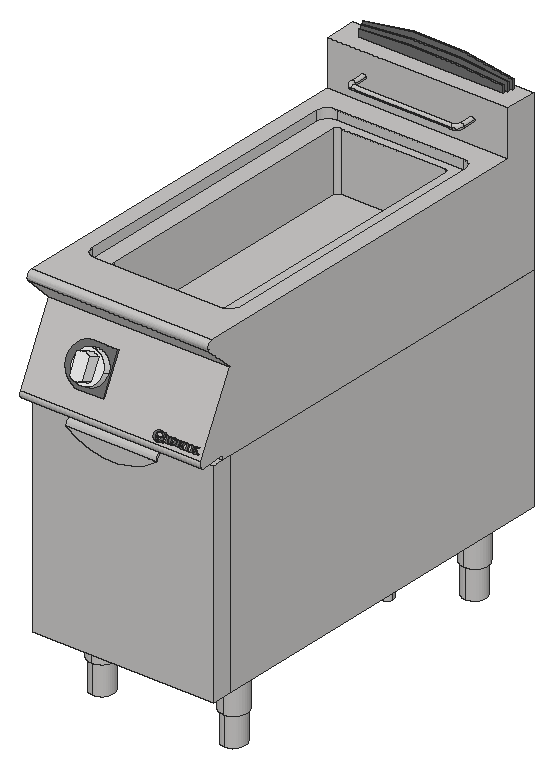
Revit family "QF_GIORIK_FE9117M", category Specialty Equipment, Revit 2014
Parameters (values of type "FE9117M")
  Weight in Pounds = 171.9604
  Watts = 16500 W
  Volts = 400 V
  URL Cutsheet = "www.giorik.com"
  URL = "www.giorik.com"
  Status [instance] = ""
  Specification by User [instance] = ""
  Specification by Manufacturer = ""
  Show Logo [instance] = yes
  Show Clearance [instance] = yes
  Serial Number = ""
  Seismic Rating = ""
  SMACNA No = ""
  Revision Code [instance] = ""
  Phase = 3
  Number of Poles [instance] = 3
  NAFEM Spec ID Number = ""
  Model = "FE9117M"
  Min Ckt Ampacity = 0 A
  Max Overcurrent Protection = 0 A
  Masterspec = ""
  Manufacturer = "GIORIK"
  Item Number [instance] = ""
  Installed By [instance] = ""
  Identify Quantity as Lot [instance] = no
  HP = "22.126830000000"
  Furnished By [instance] = ""
  Foodservice Equipment Identifier [instance] = yes
  FL Amps = 0 A
  Electrical Remarks [instance] = ""
  Electric Connection Type [instance] = ""
  Elec Conn RI Height [instance] = 0 mm
  Elec Conn Connection Height [instance] = 150 mm
  Description = "17 LITRE MELTING ELECTRIC FRYER."
  Cycle = 50 Hz
  Conn Plug = ""
  CSI MasterFormat = ""
  Assembly Code = "E1090320"
  Apparent Power = 16500 VA
Reference planes
  plane 1 "Back": y = 0
  plane 2: z = 0
  plane 3 "Left": x = 0
  plane 4 "Right": x = 400
  plane 5 "Front": y = -920
  plane 6 "Top": z = 900
Forms (mm)
  Extrusion 1, solid, visible <- "Show Logo"
    sketch origin (196.604, -936.761, 609.486) x (-1, 0, 0) y (0, 0.452718, 0.891654)
      loop
        line (-118.824, 58.358) -> (-127.804, 58.358) -> (-125.523, 56.445) -> (-125.523, 48.027) -> (-127.804, 46.113) -> (-118.824, 46.113) -> (-121.105, 48.027) -> (-121.105, 56.445) -> (-118.824, 58.358)
      loop
        line (-163.721, 58.358) -> (-172.7, 58.358) -> (-170.42, 56.445) -> (-170.42, 48.027) -> (-172.7, 46.113) -> (-163.721, 46.113) -> (-166.001, 48.027) -> (-166.001, 56.445) -> (-163.721, 58.358)
      loop
        line (-174.332, 58.358) -> (-183.312, 58.358) -> (-181.031, 56.445) -> (-181.031, 52.435) -> (-186.419, 56.955) -> (-184.416, 58.358) -> (-191.268, 58.358) -> (-188.01, 56.839) -> (-185.455, 54.283) -> (-190.846, 47.858) -> (-193.396, 46.93) -> (-193.396, 46.113) -> (-184.416, 46.113) -> (-185.437, 47.571) -> (-182.443, 51.552) -> (-181.031, 50.894) -> (-181.031, 48.027) -> (-183.312, 46.113) -> (-174.332, 46.113) -> (-176.613, 48.027) -> (-176.613, 56.445) -> (-174.332, 58.358)
      loop
        line (-115.429, 62.063) -> (-115.429, 54.198)
        arc (-115.429, 54.198) -> (-111.618, 57.803) -> (-106.847, 59.986) r 16.039
        arc (-106.847, 59.986) -> (-103.314, 59.837) -> (-100.512, 57.68) r 5.851
        arc (-100.512, 57.68) -> (-98.815, 52.267) -> (-100.512, 46.853) r 9.479
        arc (-100.512, 46.853) -> (-102.406, 44.986) -> (-104.846, 43.93) r 7.236
        arc (-104.846, 43.93) -> (-107.728, 44.111) -> (-110.052, 45.825) r 5.11
        line (-110.052, 45.825) -> (-110.052, 52.001) -> (-116.141, 52.001) -> (-116.141, 45.503) -> (-117.893, 43.751) -> (-114.094, 44.769)
        arc (-114.094, 44.769) -> (-112.56, 44.947) -> (-111.129, 44.366) r 3.115
        arc (-111.129, 44.366) -> (-104.216, 42.091) -> (-97.303, 44.366) r 11.641
        arc (-97.303, 44.366) -> (-93.396, 52.107) -> (-97.303, 59.849) r 9.622
        arc (-97.303, 59.849) -> (-104.369, 62.174) -> (-111.435, 59.849) r 11.898
        line (-111.435, 59.849) -> (-115.429, 62.063)
      loop
        arc (-129.234, 56.068) -> (-135.893, 58.628) -> (-142.552, 56.068) r 9.941
        arc (-142.552, 56.068) -> (-144.234, 52.286) -> (-142.552, 48.505) r 5.093
        arc (-142.552, 48.505) -> (-135.893, 45.945) -> (-129.234, 48.505) r 9.941
        arc (-129.234, 48.505) -> (-127.552, 52.286) -> (-129.234, 56.068) r 5.093
      loop
        arc (-132.628, 54.403) -> (-135.893, 57.668) -> (-139.158, 54.403) r 3.265
        line (-139.158, 54.403) -> (-139.158, 50.169)
        arc (-139.158, 50.169) -> (-135.893, 46.904) -> (-132.628, 50.169) r 3.265
        line (-132.628, 50.169) -> (-132.628, 54.403)
      loop
        arc (-156.363, 58.365) -> (-159.647, 55.081) -> (-156.363, 51.796) r 3.285
        line (-156.363, 51.796) -> (-159.529, 47.306) -> (-162.087, 46.113) -> (-155.847, 46.113) -> (-153.529, 51.083) -> (-150.637, 51.083) -> (-150.637, 47.784) -> (-153.022, 46.113) -> (-144.011, 46.113) -> (-146.094, 47.68) -> (-146.094, 56.493) -> (-144.229, 58.365) -> (-156.363, 58.365)
      loop
        line (-150.637, 57.512) -> (-153.637, 57.512)
        arc (-153.637, 57.512) -> (-156.237, 54.912) -> (-153.637, 52.312) r 2.6
        line (-153.637, 52.312) -> (-150.637, 52.312) -> (-150.637, 57.512)
      loop
        line (-108.924, 52.001) -> (-104.936, 49.005) -> (-100.948, 52.001) -> (-108.924, 52.001)
    from 1.5 to -0.5
  Extrusion 2, solid
    sketch origin (-16, 1025.81, 0) x (1, 0, 0) y (0, 1, 0)
      loop
        line (25, -1086.81) -> (25, -1156.81) -> (115, -1156.81) -> (115, -1086.81) -> (25, -1086.81)
    from 148 to 150
  Extrusion 3, solid
    sketch origin (-14, 0, 130) x (1, 0, 0) y (0, 1, 0)
      loop
        circle (54, -385) r 12.5
    from 0 to 20
  Extrusion 4, solid
    sketch origin (0, 800, -20) x (0, 1, 0) y (0, 0, 1)
      loop
        line (-800, 989.988) -> (-870, 989.988) -> (-870, 889.988) -> (-1688.806, 889.988)
        arc (-1688.806, 889.988) -> (-1699.151, 883.075) -> (-1696.724, 870.873) r 11.197
        line (-1696.724, 870.873) -> (-1640.876, 815.025) -> (-1718.948, 661.258)
        arc (-1718.948, 661.258) -> (-1718.233, 650.105) -> (-1708.118, 645.354) r 10.981
        line (-1708.118, 645.354) -> (-1660, 649.925) -> (-1660, 640) -> (-800, 640) -> (-800, 989.988)
    from 0 to 400
  Extrusion 5, solid
    sketch origin (0, -200, 599.536) x (1, 0, 0) y (0, 1, 0)
      loop
        line (0, -640) -> (40, -640) -> (40, 160) -> (360, 160) -> (360, -640) -> (400, -640) -> (400, 200) -> (0, 200) -> (0, -640)
    from -449.536 to 20.464
  Extrusion 6, solid
    sketch origin (0, -200, 0) x (1, 0, 0) y (0, 1, 0)
      loop
        line (40, 160) -> (40, -640) -> (360, -640) -> (360, 160) -> (40, 160)
    from 150 to 190
  Extrusion 7, solid
    sketch origin (-16, 360.81, 0) x (1, 0, 0) y (0, 1, 0)
      loop
        line (25, -1086.81) -> (25, -1156.81) -> (115, -1156.81) -> (115, -1086.81) -> (25, -1086.81)
    from 148 to 150
  Revolve 8, solid
    sketch origin (54, 360.81, 0) x (0, 1, 0) y (0, 0, 1)
      loop
        line (-1092.56, 66) -> (-1092.56, 148) -> (-1121.81, 148) -> (-1121.81, 0) -> (-1096.81, 0) -> (-1096.81, 66) -> (-1092.56, 66)
      axis (-1121.81, 0) -> (-1121.81, 148)
    angle from 0 to 360
  Revolve 9, solid
    sketch origin (54, 1025.81, 0) x (0, 1, 0) y (0, 0, 1)
      loop
        line (-1092.56, 66) -> (-1092.56, 148) -> (-1121.81, 148) -> (-1121.81, 0) -> (-1096.81, 0) -> (-1096.81, 66) -> (-1092.56, 66)
      axis (-1121.81, 0) -> (-1121.81, 148)
    angle from 0 to 360
  Extrusion 10, solid
    sketch origin (416, 360.81, 0) x (-1, 0, 0) y (0, -1, 0)
      loop
        line (25, 1086.81) -> (115, 1086.81) -> (115, 1156.81) -> (25, 1156.81) -> (25, 1086.81)
    from 148 to 150
  Revolve 11, solid
    sketch origin (346, 360.81, 0) x (0, 1, 0) y (0, 0, -1)
      loop
        line (-1092.56, -66) -> (-1096.81, -66) -> (-1096.81, 0) -> (-1121.81, 0) -> (-1121.81, -148) -> (-1092.56, -148) -> (-1092.56, -66)
      axis (-1121.81, 0) -> (-1121.81, -148)
    angle from 0 to 360
  Extrusion 12, solid
    sketch origin (416, -1217.81, 0) x (-1, 0, 0) y (0, -1, 0)
      loop
        line (25, -1086.81) -> (25, -1156.81) -> (115, -1156.81) -> (115, -1086.81) -> (25, -1086.81)
    from 148 to 150
  Revolve 13, solid
    sketch origin (346, -1217.81, 0) x (0, -1, 0) y (0, 0, 1)
      loop
        line (-1092.56, 66) -> (-1092.56, 148) -> (-1121.81, 148) -> (-1121.81, 0) -> (-1096.81, 0) -> (-1096.81, 66) -> (-1092.56, 66)
      axis (-1121.81, 0) -> (-1121.81, 148)
    angle from 0 to 360
  Extrusion 14, solid
    sketch origin (-293.221, -1163.345, 52.363) x (1, 0, 0) y (0, 0.452718, 0.891654)
      loop
        line (463.221, 676.25) -> (463.221, 766.25) -> (409.698, 766.25)
        arc (409.698, 766.25) -> (364.698, 721.25) -> (409.698, 676.25) r 45
        line (409.698, 676.25) -> (463.221, 676.25)
    from 48 to 50
  Extrusion 15, solid
    sketch origin (481.331, -1208.697, 74.959) x (-1, 0, 0) y (0, -0.45351, -0.891251)
      loop
        circle (351.331, -721.346) r 35
    from 0 to 15
  Extrusion 16, solid
    sketch origin (481.331, -1208.697, 74.959) x (-1, 0, 0) y (0, -0.45351, -0.891251)
      loop
        arc (336.331, -743.846) -> (351.331, -748.846) -> (366.331, -743.846) r 25
        line (366.331, -743.846) -> (366.331, -698.846)
        arc (366.331, -698.846) -> (351.331, -693.846) -> (336.331, -698.846) r 25
        line (336.331, -698.846) -> (336.331, -743.846)
    from 15 to 40
  Extrusion 17, solid
    sketch origin (-94, 0, 59.999) x (1, 0, 0) y (0, 0, 1)
      loop
        line (135, 909.989) -> (453, 909.989) -> (453, 925.527) -> (347.056, 931.749) -> (240.944, 931.749) -> (135, 925.527) -> (135, 909.989)
    from 32 to 35
  Extrusion 18, solid
    sketch origin (-92, 10, 59.999) x (1, 0, 0) y (0, 0, 1)
      loop
        line (454, 909.989) -> (454, 928.527) -> (346.162, 939.193) -> (237.838, 939.193) -> (130, 928.527) -> (130, 909.989) -> (454, 909.989)
    from 32 to 35
  Extrusion 19, solid
    sketch origin (-90, 20, 59.999) x (1, 0, 0) y (0, 0, 1)
      loop
        line (455, 909.989) -> (455, 930.527) -> (345.396, 947.413) -> (234.604, 947.413) -> (125, 930.527) -> (125, 909.989) -> (455, 909.989)
    from 32 to 35
  Extrusion 20, void
    sketch origin (0, -200, 819.988) x (0, 1, 0) y (-1, 0, 0)
      loop
        arc (80, -60) -> (72.678, -42.322) -> (55, -35) r 25
        line (55, -35) -> (-565.002, -35)
        arc (-565.002, -35) -> (-582.68, -42.322) -> (-590.002, -60) r 25
        line (-590.002, -60) -> (-590.002, -340)
        arc (-590.002, -340) -> (-582.68, -357.678) -> (-565.002, -365) r 25
        line (-565.002, -365) -> (55, -365)
        arc (55, -365) -> (72.678, -357.678) -> (80, -340) r 25
        line (80, -340) -> (80, -60)
    from -100 to 50
  Extrusion 21, solid
    sketch origin (0, -200, 900) x (0, 1, 0) y (-1, 0, 0)
      loop
        arc (80, -60) -> (72.678, -42.322) -> (55, -35) r 25
        line (55, -35) -> (-565.002, -35)
        arc (-565.002, -35) -> (-582.68, -42.322) -> (-590.002, -60) r 25
        line (-590.002, -60) -> (-590.002, -340)
        arc (-590.002, -340) -> (-582.68, -357.678) -> (-565.002, -365) r 25
        line (-565.002, -365) -> (55, -365)
        arc (55, -365) -> (72.678, -357.678) -> (80, -340) r 25
        line (80, -340) -> (80, -60)
      loop
        arc (60, -85.011) -> (57.071, -77.94) -> (50, -75.011) r 10
        line (50, -75.011) -> (-555.002, -75.011)
        arc (-555.002, -75.011) -> (-562.073, -77.94) -> (-565.002, -85.011) r 10
        line (-565.002, -85.011) -> (-565.002, -315)
        arc (-565.002, -315) -> (-562.073, -322.071) -> (-555.002, -325) r 10
        line (-555.002, -325) -> (50, -325)
        arc (50, -325) -> (57.071, -322.071) -> (60, -315) r 10
        line (60, -315) -> (60, -85.011)
    from -180.012 to -50
  Extrusion 22, solid
    sketch origin (0, -925, 0) x (1, 0, 0) y (0, 0, 1)
      loop
        line (0, 620) -> (0, 150) -> (400, 150) -> (400, 620) -> (0, 620)
    from -85 to -40
  Extrusion 23, solid
    sketch origin (0, -925, -20.1) x (0, 1, 0) y (0, 0, 1)
      loop
        arc (25, 640.1) -> (14.393, 635.707) -> (10, 625.1) r 15
        line (10, 625.1) -> (12, 625.1)
        arc (12, 625.1) -> (15.808, 634.292) -> (25, 638.1) r 13
        line (25, 638.1) -> (40, 638.1) -> (40, 640.1) -> (25, 640.1)
    from 97.5 to 297.5
  Extrusion 24, solid
    sketch origin (0, -924.905, -20.1) x (1, 0, 0) y (0, 0, 1)
      loop
        arc (97.5, 625.1) -> (197.5, 590.089) -> (297.5, 625.1) r 160.316
        line (297.5, 625.1) -> (97.5, 625.1)
    from -11.905 to -9.905
  Extrusion 25, solid, visible <- "Show Clearance", detail levels coarse
    sketch origin (395, -925, 0) x (-1, 0, 0) y (0, -1, 0)
      loop
        line (-5, -40) -> (395, -40)
        arc (395, -40) -> (277.534, 241.069) -> (-5, 354.968) r 395
        line (-5, 354.968) -> (-5, -40)
    from 150 to 620
  Extrusion 26, solid
    sketch origin (0, 0, 100) x (0, 1, 0) y (-1, 0, 0)
      loop
        circle (-380, -380) r 12.5
    from 30 to 50
  Sweep 27, solid
    path origin (0, 0, 919.988) x (0, 1, 0) y (-1, 0, 0)
      loop
        line (-70, -80) -> (-100, -80)
        arc (-100, -80) -> (-107.071, -82.929) -> (-110, -90) r 10
        line (-110, -90) -> (-110, -310)
        arc (-110, -310) -> (-107.071, -317.071) -> (-100, -320) r 10
        line (-100, -320) -> (-70, -320)
    profile origin (80, -85, 919.988) x (1, 0, 0) y (0, 0, 1)
      loop
        circle (0, 0) r 5
Cuts and joins
  Extrusion 20 cuts Extrusion 4
Lines and regions (mm)
  symbolic lines, style "200-EquipBorder-2D"
    curve 1: line (0, -920, 0) -> (400, -920, 0)
    curve 2: line (400, -920, 0) -> (400, 0, 0)
    curve 3: line (400, 0, 0) -> (0, 0, 0)
    curve 4: line (0, 0, 0) -> (0, -920, 0)
  symbolic lines, style "200-EquipInternal-2D"
    curve 5: line (35, -12, 900) -> (365, -12, 900)
    curve 6: line (365, -12, 900) -> (365, -15, 900)
    curve 7: line (365, -15, 900) -> (35, -15, 900)
    curve 8: line (35, -15, 900) -> (35, -12, 900)
    curve 9: line (38, -22, 900) -> (362, -22, 900)
    curve 10: line (362, -22, 900) -> (362, -25, 900)
    curve 11: line (362, -25, 900) -> (38, -25, 900)
    curve 12: line (38, -25, 900) -> (38, -22, 900)
    curve 13: line (41, -32, 900) -> (359, -32, 900)
    curve 14: line (359, -32, 900) -> (359, -35, 900)
    curve 15: line (359, -35, 900) -> (41, -35, 900)
    curve 16: line (41, -35, 900) -> (41, -32, 900)
    curve 17: line (340, -120, 900) -> (60, -120, 900)
    curve 18: arc (60, -120, 900) -> (42.322, -127.322, 900) -> (35, -145, 900) r 25
    curve 19: line (35, -145, 900) -> (35, -765, 900)
    curve 20: arc (365, -145, 900) -> (357.678, -127.322, 900) -> (340, -120, 900) r 25
    curve 21: arc (340, -790, 900) -> (357.633, -782.723, 900) -> (365, -765.128, 900) r 25
    curve 22: line (60, -790, 900) -> (340, -790, 900)
    curve 23: arc (35, -765, 900) -> (42.322, -782.678, 900) -> (60, -790, 900) r 25
    curve 24: line (365, -765.128, 900) -> (365, -145, 900)
    curve 27: line (85, -140, 900) -> (315, -140, 900)
    curve 28: line (325, -150, 900) -> (325, -755.002, 900)
    curve 29: line (75, -755.002, 900) -> (75, -150, 900)
    curve 30: line (315, -765.002, 900) -> (85, -765.002, 900)
    curve 31: arc (85, -140, 900) -> (77.929, -142.929, 900) -> (75, -150, 900) r 10
    curve 32: arc (315, -140, 900) -> (322.071, -142.929, 900) -> (325, -150, 900) r 10
    curve 33: arc (75, -755.002, 900) -> (77.929, -762.073, 900) -> (85, -765.002, 900) r 10
    curve 34: arc (315, -765.002, 900) -> (322.071, -762.073, 900) -> (325, -755.002, 900) r 10
    curve 35: line (75, -70, 900) -> (75, -99.667, 900)
    curve 36: line (85, -100, 900) -> (85, -70, 900)
    curve 37: line (89.989, -104.989, 900) -> (310.238, -104.989, 900)
    curve 38: line (315, -100.227, 900) -> (315, -70, 900)
    curve 39: line (325, -70, 900) -> (325, -100.301, 900)
    curve 40: line (310.301, -115, 900) -> (90.333, -115, 900)
    curve 41: arc (90.333, -115, 900) -> (79.491, -110.509, 900) -> (75, -99.667, 900) r 15.333
    curve 42: arc (85, -100, 900) -> (86.461, -103.528, 900) -> (89.989, -104.989, 900) r 4.989
    curve 43: arc (310.301, -115, 900) -> (320.695, -110.695, 900) -> (325, -100.301, 900) r 14.699
    curve 44: arc (315, -100.227, 900) -> (313.605, -103.594, 900) -> (310.238, -104.989, 900) r 4.762
    curve 45: line (0, -70, 900) -> (400, -70, 900)
  symbolic lines, style "QF_Door-Drawer Clearances", visible <- "Show Clearance", detail levels coarse
    curve 25: arc (400, -1279.968, 0) -> (130.204, -1178.101, 0) -> (1.554, -920, 0) r 395
    curve 26: line (400, -920, 0) -> (400, -1279.968, 0)
Dimensions and locks
  plane 3 "Left" to plane 4 "Right" = 400 mm
  plane 5 "Front" to plane 1 "Back" = 920 mm
  plane 4 "Right" to plane 3 "Left" = 400 mm
  plane 1 "Back" to plane 5 "Front" = 920 mm
  plane 6 "Top" to level = 900 mm  (x2)
  aligned and locked: level to plane 2
Connectors
  electrical at (380, -380, 130), driven by "Apparent Power", driven by "Volts", driven by "Number of Poles"
    settings: on Extrusion 26, index 1, voltage 400 V, apparent load 0 VA, apparent load phase1 16500 VA, apparent load phase2 0 VA, apparent load phase3 0 VA, power factor 1, load classification "Other", number of poles 3, system type 31, power factor state 1, is connector primary yes, connector utility no, sub classification motor no, connector description "Electrical connection"
